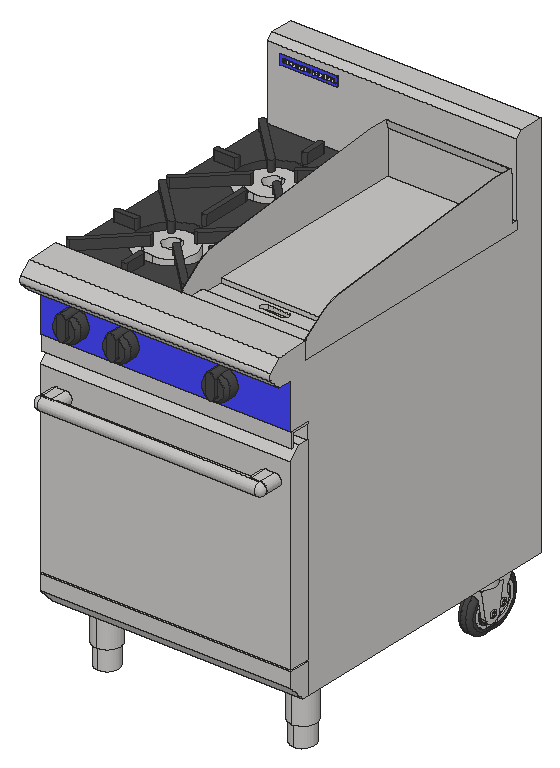
Revit family "QF_MOFFAT_BLUESEAL_CE_G504C", category Specialty Equipment, Revit 2012
Parameters
  Weight in Pounds = 346
  URL Cutsheet = "www.moffat.com"
  URL = "www.moffat.com"
  Type Mark [instance] = ""
  Status [instance] = ""
  Specification by User [instance] = ""
  Specification by Manufacturer = ""
  Show Logo [instance] = yes
  Show Clearance [instance] = yes
  Show Casters [instance] = yes
  Serial Number = ""
  Seismic Rating = ""
  SMACNA No = ""
  Revision Code [instance] = ""
  Omniclass Number and Title = ""
  NAFEM Spec ID Number = ""
  Model = "G504C"
  Mechanical Remarks [instance] = ""
  Mechanical Connection Type [instance] = ""
  Masterspec = ""
  Manufacturer = "MOFFAT BLUESEAL"
  Legs [instance] = not(Show Casters)  # no
  Item Number [instance] = ""
  Installed By [instance] = ""
  Identify Quantity as Lot [instance] = yes
  Gas Size = 3/4"
  Gas RI Height [instance] = 0 mm
  Gas KW [instance] = 27.8
  Gas Input [instance] = 94781.0 Btu/h
  Gas Connection Height = 0 mm
  Furnished By [instance] = ""
  Foodservice Equipment Identifier [instance] = yes
  Description = "600MM GAS RANGE WITH STATIC OVEN"
  CSI MasterFormat = ""
  CSI Master Format = ""
Reference planes
  plane 1 "BACK": y = 0
  plane 2: z = 0
  plane 3 "LEFT": x = 0
  plane 4 "RIGHT": x = 600
  plane 5 "FRONT": y = -812
  plane 6 "TOP": z = 970
  plane 7 "Center Y": x = 300
  plane 8 "Center X": y = -406
  plane 9: x = 65
  plane 10: x = 535
  plane 11: y = -100
  plane 12 "Base Height": z = 150
  plane 13: x = 65.8
  plane 14: x = 470
  plane 15: z = 1085
Forms (mm)
  Extrusion 1, solid, material "QF_Finishes_Stainless Steel"
    sketch origin (0, 0, 0) x (0, 1, 0) y (0, 0, 1)
      loop
        line (-784.97, 850) -> (-749, 850) -> (-749, 740) -> (-699, 740) -> (-699, 150) -> (0, 150) -> (0, 1085) -> (-57.5, 1085) -> (-70, 1072.5) -> (-70, 875) -> (-705, 875) -> (-705, 915) -> (-783.97, 915) -> (-808.525, 890.445)
        arc (-808.525, 890.445) -> (-812.023, 882) -> (-808.525, 873.555) r 11.943
        line (-808.525, 873.555) -> (-784.97, 850)
    from 0 to 600
  Extrusion 2, solid, material "QF_Finishes_Stainless Steel"
    sketch origin (405.062, 3, 100) x (1, 0, 0) y (0, 1, 0)
      loop
        circle (65, -35) r 13.5
    from 555 to 640
  Revolve 3, solid, material "QF_Finishes_Stainless Steel"
    sketch origin (65, -735, 0) x (0, 1, 0) y (0, 0, 1)
      loop
        line (71.25, 150) -> (71.25, 50) -> (75.5, 50) -> (75.5, 0) -> (103, 0) -> (103, 150) -> (71.25, 150)
      axis (103, 150) -> (103, 0)
    angle from 0 to 360
  Revolve 4, solid, material "QF_Finishes_Stainless Steel"
    sketch origin (535, -735, 0) x (0, 1, 0) y (0, 0, -1)
      loop
        line (71.25, -150) -> (103, -150) -> (103, 0) -> (75.5, 0) -> (75.5, -50) -> (71.25, -50) -> (71.25, -150)
      axis (103, -150) -> (103, 0)
    angle from 0 to 360
  Extrusion 5, solid, material "QF_Finishes_Black"
    sketch origin (0, -70, 875) x (0, -1, 0) y (1, 0, 0)
      loop
        arc (1, 4) -> (1.879, 1.879) -> (4, 1) r 3
        line (4, 1) -> (632, 1)
        arc (632, 1) -> (634.121, 1.879) -> (635, 4) r 3
        line (635, 4) -> (635, 300) -> (4, 300)
        arc (4, 300) -> (1.879, 299.121) -> (1, 297) r 3
        line (1, 297) -> (1, 4)
      loop
        circle (167.5, 150) r 85
      loop
        circle (471.268, 150) r 85
    from 0 to 19.5
  Extrusion 6, solid, material "QF_Finishes_Black"
    sketch origin (0, -70, 894.5) x (0, -1, 0) y (1, 0, 0)
      loop
        spline (323.602, 15.153) -> (322.681, 13.924) -> (322.131, 12.47) -> (321.99, 10.89) -> (322.267, 9.292) -> (322.943, 7.786) -> (323.973, 6.473) -> (325.286, 5.443) -> (326.792, 4.767) -> (328.39, 4.49) -> (329.97, 4.631) -> (331.424, 5.181) -> (332.653, 6.102)
        line (332.653, 6.102) -> (440.576, 114.025)
        spline (440.576, 114.025) -> (441.337, 115.095) -> (441.738, 116.399) -> (441.751, 117.851) -> (441.375, 119.35) -> (440.637, 120.795) -> (439.586, 122.086) -> (438.295, 123.137) -> (436.85, 123.875) -> (435.351, 124.251) -> (433.899, 124.238) -> (432.595, 123.837) -> (431.525, 123.076)
        line (431.525, 123.076) -> (323.602, 15.153)
      loop
        line (612.398, 15.153) -> (503.475, 123.076)
        spline (503.475, 123.076) -> (502.405, 123.837) -> (501.101, 124.238) -> (499.649, 124.251) -> (498.15, 123.875) -> (496.705, 123.137) -> (495.414, 122.086) -> (494.363, 120.795) -> (493.625, 119.35) -> (493.249, 117.851) -> (493.262, 116.399) -> (493.663, 115.095) -> (494.424, 114.025)
        line (494.424, 114.025) -> (603.347, 6.102)
        spline (603.347, 6.102) -> (604.416, 5.341) -> (605.721, 4.941) -> (607.172, 4.928) -> (608.671, 5.303) -> (610.116, 6.041) -> (611.408, 7.092) -> (612.459, 8.384) -> (613.197, 9.829) -> (613.572, 11.328) -> (613.559, 12.779) -> (613.159, 14.084) -> (612.398, 15.153)
      loop
        spline (375.602, 143.6) -> (376.896, 143.818) -> (378.102, 144.457) -> (379.138, 145.475) -> (379.932, 146.8) -> (380.432, 148.344) -> (380.602, 150) -> (380.432, 151.656) -> (379.932, 153.2) -> (379.138, 154.525) -> (378.102, 155.543) -> (376.896, 156.182) -> (375.602, 156.4)
        line (375.602, 156.4) -> (259.398, 156.4)
        spline (259.398, 156.4) -> (258.104, 156.182) -> (256.898, 155.543) -> (255.862, 154.525) -> (255.068, 153.2) -> (254.568, 151.656) -> (254.398, 150) -> (254.568, 148.344) -> (255.068, 146.8) -> (255.862, 145.475) -> (256.898, 144.457) -> (258.104, 143.818) -> (259.398, 143.6)
        line (259.398, 143.6) -> (375.602, 143.6)
      loop
        spline (23.602, 15.153) -> (22.681, 13.924) -> (22.131, 12.47) -> (21.99, 10.89) -> (22.267, 9.292) -> (22.943, 7.786) -> (23.973, 6.473) -> (25.286, 5.443) -> (26.792, 4.767) -> (28.39, 4.49) -> (29.97, 4.631) -> (31.424, 5.181) -> (32.653, 6.102)
        line (32.653, 6.102) -> (140.576, 114.025)
        spline (140.576, 114.025) -> (141.337, 115.095) -> (141.738, 116.399) -> (141.751, 117.851) -> (141.375, 119.35) -> (140.637, 120.795) -> (139.586, 122.086) -> (138.295, 123.137) -> (136.85, 123.875) -> (135.351, 124.251) -> (133.899, 124.238) -> (132.595, 123.837) -> (131.525, 123.076)
        line (131.525, 123.076) -> (23.602, 15.153)
      loop
        line (311.398, 15.153) -> (203.475, 123.076)
        spline (203.475, 123.076) -> (202.405, 123.837) -> (201.101, 124.238) -> (199.649, 124.251) -> (198.15, 123.875) -> (196.705, 123.137) -> (195.414, 122.086) -> (194.363, 120.795) -> (193.625, 119.35) -> (193.249, 117.851) -> (193.262, 116.399) -> (193.663, 115.095) -> (194.424, 114.025)
        line (194.424, 114.025) -> (302.347, 6.102)
        spline (302.347, 6.102) -> (303.416, 5.341) -> (304.721, 4.941) -> (306.172, 4.928) -> (307.671, 5.303) -> (309.116, 6.041) -> (310.408, 7.092) -> (311.459, 8.384) -> (312.197, 9.829) -> (312.572, 11.328) -> (312.559, 12.779) -> (312.159, 14.084) -> (311.398, 15.153)
      loop
        line (323.602, 284.847) -> (431.525, 176.924)
        spline (431.525, 176.924) -> (432.595, 176.163) -> (433.899, 175.762) -> (435.351, 175.749) -> (436.85, 176.125) -> (438.295, 176.863) -> (439.586, 177.914) -> (440.637, 179.205) -> (441.375, 180.65) -> (441.751, 182.149) -> (441.738, 183.601) -> (441.337, 184.905) -> (440.576, 185.975)
        line (440.576, 185.975) -> (332.653, 293.898)
        spline (332.653, 293.898) -> (331.424, 294.819) -> (329.97, 295.369) -> (328.39, 295.51) -> (326.792, 295.233) -> (325.286, 294.557) -> (323.973, 293.527) -> (322.943, 292.214) -> (322.267, 290.708) -> (321.99, 289.11) -> (322.131, 287.53) -> (322.681, 286.076) -> (323.602, 284.847)
      loop
        spline (612.398, 284.847) -> (613.159, 285.916) -> (613.559, 287.221) -> (613.572, 288.672) -> (613.197, 290.171) -> (612.459, 291.616) -> (611.408, 292.908) -> (610.116, 293.959) -> (608.671, 294.697) -> (607.172, 295.072) -> (605.721, 295.059) -> (604.416, 294.659) -> (603.347, 293.898)
        line (603.347, 293.898) -> (494.424, 185.975)
        spline (494.424, 185.975) -> (493.663, 184.905) -> (493.262, 183.601) -> (493.249, 182.149) -> (493.625, 180.65) -> (494.363, 179.205) -> (495.414, 177.914) -> (496.705, 176.863) -> (498.15, 176.125) -> (499.649, 175.749) -> (501.101, 175.762) -> (502.405, 176.163) -> (503.475, 176.924)
        line (503.475, 176.924) -> (612.398, 284.847)
      loop
        line (23.602, 284.847) -> (131.525, 176.924)
        spline (131.525, 176.924) -> (132.595, 176.163) -> (133.899, 175.762) -> (135.351, 175.749) -> (136.85, 176.125) -> (138.295, 176.863) -> (139.586, 177.914) -> (140.637, 179.205) -> (141.375, 180.65) -> (141.751, 182.149) -> (141.738, 183.601) -> (141.337, 184.905) -> (140.576, 185.975)
        line (140.576, 185.975) -> (32.653, 293.898)
        spline (32.653, 293.898) -> (31.424, 294.819) -> (29.97, 295.369) -> (28.39, 295.51) -> (26.792, 295.233) -> (25.286, 294.557) -> (23.973, 293.527) -> (22.943, 292.214) -> (22.267, 290.708) -> (21.99, 289.11) -> (22.131, 287.53) -> (22.681, 286.076) -> (23.602, 284.847)
      loop
        spline (311.398, 284.847) -> (312.159, 285.916) -> (312.559, 287.221) -> (312.572, 288.672) -> (312.197, 290.171) -> (311.459, 291.616) -> (310.408, 292.908) -> (309.116, 293.959) -> (307.671, 294.697) -> (306.172, 295.072) -> (304.721, 295.059) -> (303.416, 294.659) -> (302.347, 293.898)
        line (302.347, 293.898) -> (194.424, 185.975)
        spline (194.424, 185.975) -> (193.663, 184.905) -> (193.262, 183.601) -> (193.249, 182.149) -> (193.625, 180.65) -> (194.363, 179.205) -> (195.414, 177.914) -> (196.705, 176.863) -> (198.15, 176.125) -> (199.649, 175.749) -> (201.101, 175.762) -> (202.405, 176.163) -> (203.475, 176.924)
        line (203.475, 176.924) -> (311.398, 284.847)
      loop
        spline (73.08, 143.6) -> (74.374, 143.818) -> (75.58, 144.457) -> (76.615, 145.475) -> (77.41, 146.8) -> (77.909, 148.344) -> (78.08, 150) -> (77.909, 151.656) -> (77.41, 153.2) -> (76.615, 154.525) -> (75.58, 155.543) -> (74.374, 156.182) -> (73.08, 156.4)
        line (73.08, 156.4) -> (26.876, 156.4)
        spline (26.876, 156.4) -> (25.582, 156.182) -> (24.376, 155.543) -> (23.34, 154.525) -> (22.546, 153.2) -> (22.046, 151.656) -> (21.876, 150) -> (22.046, 148.344) -> (22.546, 146.8) -> (23.34, 145.475) -> (24.376, 144.457) -> (25.582, 143.818) -> (26.876, 143.6)
        line (26.876, 143.6) -> (73.08, 143.6)
      loop
        spline (614.08, 143.6) -> (615.374, 143.818) -> (616.58, 144.457) -> (617.615, 145.475) -> (618.41, 146.8) -> (618.909, 148.344) -> (619.08, 150) -> (618.909, 151.656) -> (618.41, 153.2) -> (617.615, 154.525) -> (616.58, 155.543) -> (615.374, 156.182) -> (614.08, 156.4)
        line (614.08, 156.4) -> (566.876, 156.4)
        spline (566.876, 156.4) -> (565.582, 156.182) -> (564.376, 155.543) -> (563.34, 154.525) -> (562.546, 153.2) -> (562.046, 151.656) -> (561.876, 150) -> (562.046, 148.344) -> (562.546, 146.8) -> (563.34, 145.475) -> (564.376, 144.457) -> (565.582, 143.818) -> (566.876, 143.6)
        line (566.876, 143.6) -> (614.08, 143.6)
      loop
        spline (161.1, 13.784) -> (161.318, 12.49) -> (161.957, 11.284) -> (162.975, 10.248) -> (164.3, 9.454) -> (165.844, 8.954) -> (167.5, 8.784) -> (169.156, 8.954) -> (170.7, 9.454) -> (172.025, 10.248) -> (173.043, 11.284) -> (173.682, 12.49) -> (173.9, 13.784)
        line (173.9, 13.784) -> (173.9, 59.988)
        spline (173.9, 59.988) -> (173.682, 61.282) -> (173.043, 62.488) -> (172.025, 63.524) -> (170.7, 64.318) -> (169.156, 64.818) -> (167.5, 64.988) -> (165.844, 64.818) -> (164.3, 64.318) -> (162.975, 63.524) -> (161.957, 62.488) -> (161.318, 61.282) -> (161.1, 59.988)
        line (161.1, 59.988) -> (161.1, 13.784)
      loop
        spline (461.368, 13.784) -> (461.586, 12.49) -> (462.225, 11.284) -> (463.242, 10.248) -> (464.568, 9.454) -> (466.111, 8.954) -> (467.768, 8.784) -> (469.424, 8.954) -> (470.968, 9.454) -> (472.293, 10.248) -> (473.31, 11.284) -> (473.95, 12.49) -> (474.168, 13.784)
        line (474.168, 13.784) -> (474.168, 59.988)
        spline (474.168, 59.988) -> (473.95, 61.282) -> (473.31, 62.488) -> (472.293, 63.524) -> (470.968, 64.318) -> (469.424, 64.818) -> (467.768, 64.988) -> (466.111, 64.818) -> (464.568, 64.318) -> (463.242, 63.524) -> (462.225, 62.488) -> (461.586, 61.282) -> (461.368, 59.988)
        line (461.368, 59.988) -> (461.368, 13.784)
      loop
        line (161.1, 286.216) -> (161.1, 240.012)
        spline (161.1, 240.012) -> (161.318, 238.718) -> (161.957, 237.512) -> (162.975, 236.476) -> (164.3, 235.682) -> (165.844, 235.182) -> (167.5, 235.012) -> (169.156, 235.182) -> (170.7, 235.682) -> (172.025, 236.476) -> (173.043, 237.512) -> (173.682, 238.718) -> (173.9, 240.012)
        line (173.9, 240.012) -> (173.9, 286.216)
        spline (173.9, 286.216) -> (173.682, 287.51) -> (173.043, 288.716) -> (172.025, 289.752) -> (170.7, 290.546) -> (169.156, 291.046) -> (167.5, 291.216) -> (165.844, 291.046) -> (164.3, 290.546) -> (162.975, 289.752) -> (161.957, 288.716) -> (161.318, 287.51) -> (161.1, 286.216)
      loop
        line (461.368, 286.216) -> (461.368, 240.012)
        spline (461.368, 240.012) -> (461.586, 238.718) -> (462.225, 237.512) -> (463.242, 236.476) -> (464.568, 235.682) -> (466.111, 235.182) -> (467.768, 235.012) -> (469.424, 235.182) -> (470.968, 235.682) -> (472.293, 236.476) -> (473.31, 237.512) -> (473.95, 238.718) -> (474.168, 240.012)
        line (474.168, 240.012) -> (474.168, 286.216)
        spline (474.168, 286.216) -> (473.95, 287.51) -> (473.31, 288.716) -> (472.293, 289.752) -> (470.968, 290.546) -> (469.424, 291.046) -> (467.768, 291.216) -> (466.111, 291.046) -> (464.568, 290.546) -> (463.242, 289.752) -> (462.225, 288.716) -> (461.586, 287.51) -> (461.368, 286.216)
    from 0 to 23.5
  Revolve 7, solid, material "QF_Finishes_Black"
    sketch origin (208.75, 9, 759.75) x (0, -1, 0) y (0, 0, 1)
      loop
        line (789, 69.605) -> (766, 69.605) -> (766, 42.105) -> (756, 42.105) -> (756, 37.105) -> (800, 37.105) -> (800, 63.757) -> (789, 69.605)
      axis (800, 37.105) -> (756, 37.105)
    angle from 0 to 360
  Extrusion 8, solid, material "QF_Finishes_Black"
    sketch origin (70.319, 9, 655.753) x (1, 0, 0) y (0, 0, 1)
      loop
        line (148.431, 129) -> (148.431, 167.997)
        arc (148.431, 167.997) -> (138.431, 177.997) -> (128.431, 167.997) r 10
        line (128.431, 167.997) -> (128.431, 129)
        arc (128.431, 129) -> (138.431, 119) -> (148.431, 129) r 10
    from 759 to 808
  Revolve 9, solid, material "QF_Finishes_Black"
    sketch origin (88.749, 9, 759.623) x (0, 1, 0) y (0, 0, -1)
      loop
        line (-789, -69.5) -> (-766, -69.5) -> (-766, -42) -> (-756, -42) -> (-756, -37) -> (-800, -37) -> (-800, -63.651) -> (-789, -69.5)
      axis (-800, -37) -> (-756, -37)
    angle from 0 to 360
  Extrusion 10, solid, material "QF_Finishes_Black"
    sketch origin (227.019, 9, 759.781) x (-1, 0, 0) y (0, 0, -1)
      loop
        arc (148.269, -24.969) -> (138.269, -14.969) -> (128.269, -24.969) r 10
        line (128.269, -24.969) -> (128.269, -63.969)
        arc (128.269, -63.969) -> (138.269, -73.969) -> (148.269, -63.969) r 10
        line (148.269, -63.969) -> (148.269, -24.969)
    from 759 to 808
  Revolve 11, solid, material "QF_Finishes_Black"
    sketch origin (446.249, 9, 759.623) x (0, 1, 0) y (0, 0, -1)
      loop
        line (-789, -69.5) -> (-766, -69.5) -> (-766, -42) -> (-756, -42) -> (-756, -37) -> (-800, -37) -> (-800, -63.651) -> (-789, -69.5)
      axis (-800, -37) -> (-756, -37)
    angle from 0 to 360
  Extrusion 12, solid, material "QF_Finishes_Black"
    sketch origin (584.519, 9, 759.781) x (-1, 0, 0) y (0, 0, -1)
      loop
        arc (148.269, -24.969) -> (138.269, -14.969) -> (128.269, -24.969) r 10
        line (128.269, -24.969) -> (128.269, -63.969)
        arc (128.269, -63.969) -> (138.269, -73.969) -> (148.269, -63.969) r 10
        line (148.269, -63.969) -> (148.269, -24.969)
    from 759 to 808
  Extrusion 13, solid, material "QF_Door-Drawer Clearances", visible <- "Show Clearance", detail levels coarse
    sketch origin (0, 7, 0) x (0, -1, 0) y (0, 0, 1)
      loop
        line (756, 690.016) -> (756, 227.5) -> (1218.516, 227.5)
        arc (1218.516, 227.5) -> (1083.048, 554.548) -> (756, 690.016) r 462.516
    from 0 to -600
  Extrusion 14, void
    sketch origin (0, 0, 150) x (-1, 0, 0) y (0, -1, 0)
      loop
        line (-531.028, 89.21) -> (-531.028, -28.29) -> (-401.528, -28.29) -> (-401.528, 40.71) -> (-450.028, 89.21) -> (-531.028, 89.21)
    from 72.5 to 590
  Extrusion 15, solid, material "QF_Finishes_Stainless Steel"
    sketch origin (0, -70, 875) x (0, -1, 0) y (1, 0, 0)
      loop
        circle (474.5, 150) r 57
      loop
        circle (171, 150) r 57
      loop
        circle (168.302, 148.743) r 22
      loop
        circle (471.802, 148.743) r 22
    from 0 to 19.5
  Extrusion 16, solid, material "QF_Finishes_Stainless Steel"
    sketch origin (0, -749, 227.5) x (0, 0, 1) y (-1, 0, 0)
      loop
        line (380.625, -38.246) -> (380.625, -58.528)
        arc (380.625, -58.528) -> (395.625, -73.528) -> (410.625, -58.528) r 15
        line (410.625, -58.528) -> (410.625, -38.246)
        arc (410.625, -38.246) -> (395.625, -23.246) -> (380.625, -38.246) r 15
      loop
        arc (380.625, -560.539) -> (395.625, -575.539) -> (410.625, -560.539) r 15
        line (410.625, -560.539) -> (410.625, -540.257)
        arc (410.625, -540.257) -> (395.625, -525.257) -> (380.625, -540.257) r 15
        line (380.625, -540.257) -> (380.625, -560.539)
    from 0 to 44
  Revolve 17, solid, material "QF_Finishes_Stainless Steel"
    sketch origin (0, -793, 0) x (1, 0, 0) y (0, 0, 1)
      loop
        arc (575.539, 623.125) -> (571.146, 633.732) -> (560.539, 638.125) r 15
        line (560.539, 638.125) -> (38.246, 638.125)
        arc (38.246, 638.125) -> (27.64, 633.732) -> (23.246, 623.125) r 15
        line (23.246, 623.125) -> (575.539, 623.125)
      axis (575.539, 623.125) -> (23.246, 623.125)
    angle from 0 to 360
  Extrusion 18, solid, material "QF_Finishes_Stainless Steel"
    sketch origin (0, 9, 0) x (0, 1, 0) y (0, 0, 1)
      loop
        line (-708, 227.5) -> (-708, 700) -> (-734, 700) -> (-758, 676) -> (-758, 227.5) -> (-708, 227.5)
    from 0 to 600
  Extrusion 19, solid, material "QF_Finishes_Stainless Steel"
    sketch origin (0, 9, 0) x (0, 1, 0) y (0, 0, 1)
      loop
        line (-756, 738) -> (-756, 703) -> (-752.98, 703) -> (-752.98, 735) -> (-708, 735) -> (-708, 738) -> (-756, 738)
    from 0 to 600
  Extrusion 20, solid, material "QF_Finishes_Stainless Steel"
    sketch origin (0, 9, 0) x (0, 1, 0) y (0, 0, 1)
      loop
        line (-708, 222.5) -> (-758, 222.5) -> (-758, 186) -> (-722, 150) -> (-708, 150) -> (-708, 222.5)
    from 0 to 600
  Extrusion 21, solid, material "QF_Finishes_Stainless Steel", visible <- "Show Casters"
    sketch origin (71.501, 133.353, -8.783) x (0, 1, 0) y (0, 0, 1)
      loop
        line (-201.603, 118.783) -> (-265.103, 118.783) -> (-252.746, 53.895)
        arc (-252.746, 53.895) -> (-233.353, 38.783) -> (-213.959, 53.895) r 20
        line (-213.959, 53.895) -> (-201.603, 118.783)
    from -35.667 to 22.923
  Revolve 22, solid, material "QF_Finishes_Stainless Steel", visible <- "Show Casters"
    sketch origin (65, -203, 0) x (0, 1, 0) y (0, 0, 1)
      loop
        line (67.25, 150) -> (67.25, 110) -> (103, 110) -> (103, 150) -> (67.25, 150)
      axis (103, 150) -> (103, 110)
    angle from 0 to 360
  Revolve 23, solid, material "QF_Finishes_Stainless Steel", visible <- "Show Casters"
    sketch origin (535, -203, 0) x (0, 1, 0) y (0, 0, -1)
      loop
        line (67.25, -150) -> (103, -150) -> (103, -110) -> (67.25, -110) -> (67.25, -150)
      axis (103, -150) -> (103, -110)
    angle from 0 to 360
  Revolve 24, solid, material "QF_Finishes_Stainless Steel", visible <- "Show Casters"
    sketch origin (485.776, -99.755, -13.653) x (1, 0, 0) y (0, 0, 1)
      loop
        line (14.841, 64.453) -> (83.584, 64.453) -> (83.584, 67.958) -> (82.314, 69.228) -> (80.79, 69.228) -> (80.79, 72.674) -> (68.644, 72.674) -> (68.644, 82.639) -> (65.088, 84.692) -> (63.738, 93.028) -> (65.881, 93.028) -> (65.881, 99.378) -> (65.088, 99.378) -> (65.088, 105.728)
        arc (65.088, 105.728) -> (62.298, 112.463) -> (55.563, 115.253) r 9.525
        line (55.563, 115.253) -> (42.863, 115.253)
        arc (42.863, 115.253) -> (36.127, 112.463) -> (33.338, 105.728) r 9.525
        line (33.338, 105.728) -> (33.338, 99.378) -> (32.544, 99.378) -> (32.544, 93.028) -> (34.687, 93.028) -> (33.352, 84.781) -> (29.782, 82.719) -> (29.782, 72.674) -> (17.635, 72.674) -> (17.635, 69.228) -> (16.111, 69.228) -> (14.841, 67.958) -> (14.841, 64.453)
      axis (14.841, 64.453) -> (83.584, 64.453)
    angle from 0 to 360
  Extrusion 25, solid, material "QF_Finishes_Stainless Steel", visible <- "Show Casters"
    sketch origin (541.501, 133.353, -8.783) x (0, 1, 0) y (0, 0, 1)
      loop
        line (-201.603, 118.783) -> (-265.103, 118.783) -> (-252.746, 53.895)
        arc (-252.746, 53.895) -> (-233.353, 38.783) -> (-213.959, 53.895) r 20
        line (-213.959, 53.895) -> (-201.603, 118.783)
    from -35.667 to 22.923
  Revolve 26, solid, material "QF_Finishes_Stainless Steel", visible <- "Legs"
    sketch origin (65, -165, 0) x (0, 1, 0) y (0, 0, 1)
      loop
        line (33.25, 150) -> (33.25, 50) -> (37.5, 50) -> (37.5, 0) -> (65, 0) -> (65, 150) -> (33.25, 150)
      axis (65, 150) -> (65, 0)
    angle from 0 to 360
  Revolve 27, solid, material "QF_Finishes_Stainless Steel", visible <- "Legs"
    sketch origin (535, -165, 0) x (0, 1, 0) y (0, 0, -1)
      loop
        line (33.25, -150) -> (65, -150) -> (65, 0) -> (37.5, 0) -> (37.5, -50) -> (33.25, -50) -> (33.25, -150)
      axis (65, -150) -> (65, 0)
    angle from 0 to 360
  Revolve 28, solid, material "QF_Finishes_Stainless Steel", visible <- "Show Casters"
    sketch origin (114.224, -99.755, -13.653) x (-1, 0, 0) y (0, 0, -1)
      loop
        line (14.841, -64.453) -> (14.841, -67.958) -> (16.111, -69.228) -> (17.635, -69.228) -> (17.635, -72.674) -> (29.782, -72.674) -> (29.782, -82.719) -> (33.352, -84.781) -> (34.687, -93.028) -> (32.544, -93.028) -> (32.544, -99.378) -> (33.338, -99.378) -> (33.338, -105.728)
        arc (33.338, -105.728) -> (36.127, -112.463) -> (42.863, -115.253) r 9.525
        line (42.863, -115.253) -> (55.563, -115.253)
        arc (55.563, -115.253) -> (62.298, -112.463) -> (65.088, -105.728) r 9.525
        line (65.088, -105.728) -> (65.088, -99.378) -> (65.881, -99.378) -> (65.881, -93.028) -> (63.738, -93.028) -> (65.088, -84.692) -> (68.644, -82.639) -> (68.644, -72.674) -> (80.79, -72.674) -> (80.79, -69.228) -> (82.314, -69.228) -> (83.584, -67.958) -> (83.584, -64.453) -> (14.841, -64.453)
      axis (14.841, -64.453) -> (83.584, -64.453)
    angle from 0 to 360
Cuts and joins
  Extrusion 14 cuts Extrusion 1
Lines and regions (mm)
  Split face 1
    outline origin (600, 0, 1085) x (-1, 0, 0) y (0, -1, 0)
      loop
        arc (335.206, 45.385) -> (326.545, 40.385) -> (326.545, 30.385) r 10
        line (326.545, 30.385) -> (330.587, 23.385)
        arc (330.587, 23.385) -> (334.247, 19.725) -> (339.247, 18.385) r 10
        line (339.247, 18.385) -> (567.206, 18.385)
        arc (567.206, 18.385) -> (575.866, 23.385) -> (575.866, 33.385) r 10
        line (575.866, 33.385) -> (571.824, 40.385)
        arc (571.824, 40.385) -> (568.164, 44.045) -> (563.164, 45.385) r 10
        line (563.164, 45.385) -> (335.206, 45.385)
  Split face 2
    outline origin (600, 0, 1085) x (-1, 0, 0) y (0, -1, 0)
      loop
        arc (35.206, 45.385) -> (26.545, 40.385) -> (26.545, 30.385) r 10
        line (26.545, 30.385) -> (30.587, 23.385)
        arc (30.587, 23.385) -> (34.247, 19.725) -> (39.247, 18.385) r 10
        line (39.247, 18.385) -> (267.206, 18.385)
        arc (267.206, 18.385) -> (275.866, 23.385) -> (275.866, 33.385) r 10
        line (275.866, 33.385) -> (271.824, 40.385)
        arc (271.824, 40.385) -> (268.164, 44.045) -> (263.164, 45.385) r 10
        line (263.164, 45.385) -> (35.206, 45.385)
  symbolic lines
    curve 1: line (0, 0, 0) -> (0, -812, 0)
    curve 2: line (600, 0, 0) -> (0, 0, 0)
    curve 3: line (600, -812, 0) -> (600, 0, 0)
    curve 4: line (0, -812, 0) -> (600, -812, 0)
    curve 5: line (600, -705, 0) -> (0, -705, 0)
    curve 6: line (300, -70, 0) -> (300, -705, 0)
    curve 7: arc (150, -184, 0) -> (93, -241, 0) -> (150, -298, 0) r 57
    curve 8: arc (150, -298, 0) -> (207, -241, 0) -> (150, -184, 0) r 57
    curve 9: arc (150, -487.5, 0) -> (93, -544.5, 0) -> (150, -601.5, 0) r 57
    curve 10: arc (150, -601.5, 0) -> (207, -544.5, 0) -> (150, -487.5, 0) r 57
    curve 11: line (5.842, -93.966, 0) -> (118.979, -207.103, 0)
    curve 12: line (150, -91.33, 0) -> (150, -146.33, 0)
    curve 13: line (4.26, -237.741, 0) -> (64.26, -237.741, 0)
    curve 14: line (121.121, -266.113, 0) -> (6.585, -380.648, 0)
    curve 15: line (177.796, -266.64, 0) -> (292.595, -381.439, 0)
    curve 16: line (150, -322.5, 0) -> (150, -454.5, 0)
    curve 17: line (179.762, -206.71, 0) -> (292.899, -93.573, 0)
    curve 18: line (292.613, -237.741, 0) -> (242.49, -237.741, 0)
    curve 19: line (7.231, -680.841, 0) -> (121.838, -566.234, 0)
    curve 20: line (149.988, -690.67, 0) -> (149.988, -629.768, 0)
    curve 21: line (4.26, -537.134, 0) -> (64.26, -537.134, 0)
    curve 22: line (123.258, -511.774, 0) -> (6.585, -395.102, 0)
    curve 23: line (179.458, -507.448, 0) -> (292.595, -394.311, 0)
    curve 24: line (179.349, -566.66, 0) -> (292.613, -679.923, 0)
    curve 25: line (292.613, -537.729, 0) -> (237.613, -537.729, 0)
    curve 26: line (0, -70, 0) -> (600, -70, 0)
    curve 27: line (0, -391, 0) -> (300, -391, 0)
    curve 28: line (0, 0, 0) -> (0, -812, 0)
    curve 29: line (600, 0, 0) -> (0, 0, 0)
    curve 30: line (600, -812, 0) -> (600, 0, 0)
    curve 34: arc (150, -322.5, 0) -> (65, -237.5, 0) -> (150, -152.5, 0) r 85
    curve 35: arc (150, -152.5, 0) -> (235, -237.5, 0) -> (150, -322.5, 0) r 85
    curve 36: arc (148.743, -216.302, 150) -> (170.743, -238.302, 150) -> (148.743, -260.302, 150) r 22
    curve 37: arc (148.743, -260.302, 150) -> (126.743, -238.302, 150) -> (148.743, -216.302, 150) r 22
    curve 38: arc (148.743, -519.802, 150) -> (170.743, -541.802, 150) -> (148.743, -563.802, 150) r 22
    curve 39: arc (148.743, -563.802, 150) -> (126.743, -541.802, 150) -> (148.743, -519.802, 150) r 22
    curve 40: line (32.794, -18.385, 150) -> (260.753, -18.385, 150)
    curve 41: arc (260.753, -18.385, 150) -> (265.753, -19.725, 150) -> (269.413, -23.385, 150) r 10
    curve 42: line (269.413, -23.385, 150) -> (273.455, -30.385, 150)
    curve 43: arc (273.455, -30.385, 150) -> (273.455, -40.385, 150) -> (264.794, -45.385, 150) r 10
    curve 44: line (264.794, -45.385, 150) -> (36.836, -45.385, 150)
    curve 45: arc (36.836, -45.385, 150) -> (31.836, -44.045, 150) -> (28.176, -40.385, 150) r 10
    curve 46: line (28.176, -40.385, 150) -> (24.134, -33.385, 150)
    curve 47: arc (24.134, -33.385, 150) -> (24.134, -23.385, 150) -> (32.794, -18.385, 150) r 10
    curve 48: line (560.753, -18.385, 150) -> (332.794, -18.385, 150)
    curve 49: arc (332.794, -18.385, 150) -> (324.134, -23.385, 150) -> (324.134, -33.385, 150) r 10
    curve 50: line (324.134, -33.385, 150) -> (328.176, -40.385, 150)
    curve 51: arc (328.176, -40.385, 150) -> (331.836, -44.045, 150) -> (336.836, -45.385, 150) r 10
    curve 52: line (336.836, -45.385, 150) -> (564.794, -45.385, 150)
    curve 53: arc (564.794, -45.385, 150) -> (573.455, -40.385, 150) -> (573.455, -30.385, 150) r 10
    curve 54: line (573.455, -30.385, 150) -> (569.413, -23.385, 150)
    curve 55: arc (569.413, -23.385, 150) -> (565.753, -19.725, 150) -> (560.753, -18.385, 150) r 10
    curve 56: arc (150, -626.268, 150) -> (65, -541.268, 150) -> (150, -456.268, 150) r 85
    curve 57: arc (150, -456.268, 150) -> (235, -541.268, 150) -> (150, -626.268, 150) r 85
    curve 58: line (0, -57.5, 150) -> (600, -57.5, 150)
    curve 59: line (0, -783.97, 150) -> (600, -783.97, 150)
  symbolic lines, style "QF_Door-Drawer Clearances", visible <- "Show Clearance"
    curve 31: line (0, -812, 0) -> (0, -1211.516, 0)
    curve 32: line (0, -1211.516, 0) -> (600, -1211.516, 0)
    curve 33: line (600, -1211.516, 0) -> (600, -812, 0)
Dimensions and locks
  equal spacing: plane 3 "LEFT", plane 7 "Center Y", plane 4 "RIGHT"
  plane 3 "LEFT" to plane 4 "RIGHT" = 600 mm
  equal spacing: plane 5 "FRONT", plane 8 "Center X", plane 1 "BACK"
  plane 5 "FRONT" to plane 1 "BACK" = 812 mm  (x2)
  equal spacing: plane 4 "RIGHT", plane 7 "Center Y", plane 3 "LEFT"
  plane 4 "RIGHT" to plane 3 "LEFT" = 600 mm
  plane 6 "TOP" to level = 970 mm  (x2)
  Extrusion 2 to level = 655 mm
  Extrusion 2 to plane 1 "BACK" = 32 mm
  Extrusion 1 to level = 915 mm
  plane 12 "Base Height" to level = 150 mm
  plane 6 "TOP" to plane 2 = 970 mm
  locked: plane 2 to Extrusion 1 sketch curve at 875
  locked: plane 2 to Extrusion 1 sketch curve at 915
  Extrusion 5 sketch curve to plane 13 = 64.8 mm
  Revolve 24 sketch curve to Revolve 24 sketch curve = 50.8 mm
  Revolve 28 sketch curve to Revolve 28 sketch curve = 50.8 mm
  plane 15 to level = 1085 mm
  aligned and locked: level to plane 2
  aligned and locked: curve 3 to plane 4 "RIGHT"
Automatic sketch dimensions
  plane 14 to Extrusion 2 sketch curve = 0.062 mm
  plane 1 "BACK" to Extrusion 2 sketch curve = 32 mm
  Revolve 3 sketch curve to plane 12 "Base Height" = 0 mm
  Revolve 3 sketch curve to level = 0 mm
  level to Revolve 3 sketch curve = 50 mm
  Revolve 3 sketch curve to plane 5 "FRONT" = 148.25 mm
  Revolve 3 sketch curve to Revolve 3 sketch curve = 4.25 mm
  Revolve 3 sketch curve to Revolve 3 sketch curve = 27.5 mm  (x2)
  Revolve 3 sketch curve to Revolve 3 sketch curve = 55 mm
  Revolve 3 sketch curve to Revolve 3 sketch curve = 0 mm
  Revolve 4 sketch curve to plane 12 "Base Height" = 0 mm
  Revolve 4 sketch curve to level = 0 mm
  level to Revolve 4 sketch curve = 50 mm
  Revolve 4 sketch curve to plane 5 "FRONT" = 148.25 mm
  Revolve 4 sketch curve to Revolve 4 sketch curve = 4.25 mm
  Revolve 4 sketch curve to Revolve 4 sketch curve = 27.5 mm  (x2)
  Revolve 4 sketch curve to Revolve 4 sketch curve = 0 mm
  Revolve 4 sketch curve to Revolve 4 sketch curve = 55 mm
  Revolve 7 sketch curve to plane 5 "FRONT" = 65 mm
  Revolve 7 sketch curve to Revolve 7 sketch curve = 10 mm
  Revolve 7 sketch curve to Revolve 7 sketch curve = 21.3 mm
  Revolve 7 sketch curve to Revolve 7 sketch curve = 23 mm
  Revolve 7 sketch curve to plane 5 "FRONT" = 21 mm
  Revolve 7 sketch curve to Revolve 7 sketch curve = 0 mm  (x2)
  Revolve 7 sketch curve to plane 6 "TOP" = 173.145 mm
  Revolve 7 sketch curve to Revolve 7 sketch curve = 5 mm
  Revolve 7 sketch curve to Revolve 7 sketch curve = 26.651 mm
  Revolve 7 sketch curve to Revolve 7 sketch curve = 5.849 mm
  Extrusion 8 sketch curve to plane 7 "Center Y" = 101.25 mm
  Extrusion 8 sketch curve to Extrusion 8 sketch curve = 10 mm
  Extrusion 8 sketch curve to plane 6 "TOP" = 185.247 mm
  Extrusion 8 sketch curve to Extrusion 8 sketch curve = 38.997 mm
  Revolve 9 sketch curve to plane 5 "FRONT" = 21 mm
  Revolve 9 sketch curve to Revolve 9 sketch curve = 0 mm  (x2)
  Revolve 9 sketch curve to Revolve 9 sketch curve = 11 mm
  Revolve 9 sketch curve to Revolve 9 sketch curve = 12.7 mm
  Revolve 9 sketch curve to Revolve 9 sketch curve = 23 mm
  Revolve 9 sketch curve to Revolve 9 sketch curve = 10 mm
  Revolve 9 sketch curve to plane 6 "TOP" = 140.877 mm
  Revolve 9 sketch curve to Revolve 9 sketch curve = 5.849 mm
  Revolve 9 sketch curve to Revolve 9 sketch curve = 27.5 mm
  Revolve 9 sketch curve to Revolve 9 sketch curve = 5 mm
  plane 9 to Extrusion 10 sketch curve = 33.75 mm
  Extrusion 10 sketch curve to Extrusion 10 sketch curve = 10 mm
  Extrusion 10 sketch curve to plane 6 "TOP" = 146.25 mm
  Extrusion 10 sketch curve to Extrusion 10 sketch curve = 39 mm
  Revolve 11 sketch curve to plane 5 "FRONT" = 21 mm
  Revolve 11 sketch curve to Revolve 11 sketch curve = 0 mm  (x2)
  Revolve 11 sketch curve to Revolve 11 sketch curve = 11 mm
  Revolve 11 sketch curve to Revolve 11 sketch curve = 12.7 mm
  Revolve 11 sketch curve to Revolve 11 sketch curve = 23 mm
  Revolve 11 sketch curve to Revolve 11 sketch curve = 10 mm
  Revolve 11 sketch curve to plane 6 "TOP" = 140.877 mm
  Revolve 11 sketch curve to Revolve 11 sketch curve = 5.849 mm
  Revolve 11 sketch curve to Revolve 11 sketch curve = 27.5 mm
  Revolve 11 sketch curve to Revolve 11 sketch curve = 5 mm
  Extrusion 12 sketch curve to plane 14 = 13.75 mm
  Extrusion 12 sketch curve to Extrusion 12 sketch curve = 10 mm
  Extrusion 12 sketch curve to plane 6 "TOP" = 146.25 mm
  Extrusion 12 sketch curve to Extrusion 12 sketch curve = 39 mm
  Extrusion 13 sketch curve to plane 5 "FRONT" = 63 mm
  plane 12 "Base Height" to Extrusion 13 sketch curve = 77.5 mm
  plane 5 "FRONT" to Extrusion 13 sketch curve = 399.516 mm
  plane 10 to Extrusion 14 sketch curve = 3.972 mm
  Extrusion 14 sketch curve to plane 14 = 19.972 mm
  Extrusion 14 sketch curve to plane 14 = 68.472 mm
  Extrusion 14 sketch curve to plane 1 "BACK" = 28.29 mm
  plane 1 "BACK" to Extrusion 14 sketch curve = 40.71 mm
  plane 11 to Extrusion 14 sketch curve = 10.79 mm
  Extrusion 15 sketch curve to Extrusion 1 = 168.302 mm
  Extrusion 15 sketch curve to Extrusion 15 sketch curve = 2.698 mm  (x2)
  Extrusion 15 sketch curve to Extrusion 1 = 163.198 mm
  Extrusion 1 to Extrusion 15 sketch curve = 148.743 mm  (x2)
  Extrusion 15 sketch curve to Extrusion 15 sketch curve = 1.257 mm  (x2)
  plane 9 to curve 38 = 83.743 mm
  plane 9 to curve 37 = 83.743 mm
  curve 36 to plane 11 = 116.302 mm
  curve 36 to curve 37 = 22 mm
  curve 38 to plane 8 "Center X" = 113.802 mm
  curve 38 to curve 39 = 22 mm
  Extrusion 16 sketch curve to plane 9 = 6.472 mm
  Extrusion 16 sketch curve to plane 6 "TOP" = 361.875 mm  (x2)
  Extrusion 16 sketch curve to plane 10 = 5.257 mm
  Extrusion 16 sketch curve to Extrusion 16 sketch curve = 15 mm  (x2)
  Extrusion 16 sketch curve to Extrusion 16 sketch curve = 20.282 mm  (x2)
  Revolve 17 sketch curve to plane 3 "LEFT" = 6.961 mm
  plane 3 "LEFT" to Revolve 17 sketch curve = 23.246 mm
  Revolve 17 sketch curve to Revolve 17 sketch curve = 15 mm
  Revolve 17 sketch curve to plane 10 = 25.539 mm
  plane 4 "RIGHT" to Revolve 17 sketch curve = 11.961 mm
  Revolve 17 sketch curve to plane 6 "TOP" = 346.875 mm
  Revolve 17 sketch curve to Revolve 17 sketch curve = 0 mm
  Extrusion 19 sketch curve to plane 5 "FRONT" = 65 mm
  Extrusion 19 sketch curve to Extrusion 19 sketch curve = 3.02 mm
  Extrusion 19 sketch curve to Extrusion 19 sketch curve = 44.98 mm
  Extrusion 19 sketch curve to plane 6 "TOP" = 267 mm
  Extrusion 19 sketch curve to Extrusion 19 sketch curve = 32 mm
  Extrusion 19 sketch curve to Extrusion 19 sketch curve = 3 mm
  Extrusion 20 sketch curve to plane 12 "Base Height" = 0 mm
  Extrusion 20 sketch curve to plane 5 "FRONT" = 63 mm
  plane 12 "Base Height" to Extrusion 18 sketch curve = 77.5 mm
  Extrusion 21 sketch curve to plane 11 = 0 mm
  Extrusion 21 sketch curve to plane 11 = 19.393 mm
  Extrusion 21 sketch curve to plane 11 = 31.75 mm
  plane 11 to Extrusion 21 sketch curve = 19.393 mm
  plane 11 to Extrusion 21 sketch curve = 31.75 mm
  level to Extrusion 21 sketch curve = 45.111 mm
  Extrusion 21 sketch curve to Extrusion 21 sketch curve = 4.889 mm
  Extrusion 21 sketch curve to plane 12 "Base Height" = 40 mm
  Revolve 22 sketch curve to plane 12 "Base Height" = 0 mm
  Revolve 22 sketch curve to plane 11 = 0 mm  (x2)
  Revolve 22 sketch curve to Revolve 22 sketch curve = 35.75 mm
  Revolve 22 sketch curve to plane 12 "Base Height" = 40 mm
  level to Revolve 22 sketch curve = 50 mm
  Revolve 22 sketch curve to level = 55 mm
  Revolve 23 sketch curve to plane 12 "Base Height" = 0 mm
  Revolve 23 sketch curve to plane 11 = 0 mm  (x2)
  Revolve 23 sketch curve to plane 11 = 35.75 mm
  Revolve 23 sketch curve to plane 12 "Base Height" = 40 mm
  level to Revolve 23 sketch curve = 50 mm
  Revolve 23 sketch curve to level = 55 mm
  level to Revolve 24 sketch curve = 50.8 mm
  plane 4 "RIGHT" to Revolve 24 sketch curve = 99.382 mm
  Revolve 24 sketch curve to Revolve 24 sketch curve = 1.27 mm  (x4)
  Revolve 24 sketch curve to Revolve 24 sketch curve = 1.524 mm  (x2)
  Revolve 24 sketch curve to Revolve 24 sketch curve = 12.146 mm  (x2)
  Revolve 24 sketch curve to Revolve 24 sketch curve = 2.762 mm
  Revolve 24 sketch curve to Revolve 24 sketch curve = 0.794 mm  (x2)
  level to Revolve 24 sketch curve = 71.128 mm
  Revolve 24 sketch curve to Revolve 24 sketch curve = 3.57 mm
  Revolve 24 sketch curve to plane 12 "Base Height" = 70.625 mm  (x2)
  Revolve 24 sketch curve to Revolve 24 sketch curve = 2.143 mm
  Revolve 24 sketch curve to Revolve 24 sketch curve = 9.525 mm
  Revolve 24 sketch curve to Revolve 24 sketch curve = 24.572 mm
  Revolve 24 sketch curve to Revolve 24 sketch curve = 12.7 mm
  Revolve 24 sketch curve to Revolve 24 sketch curve = 8.176 mm
  Revolve 24 sketch curve to Revolve 24 sketch curve = 1.349 mm  (x2)
  level to Revolve 24 sketch curve = 71.039 mm
  Revolve 24 sketch curve to Revolve 24 sketch curve = 3.556 mm
  level to Revolve 24 sketch curve = 55.575 mm
  Revolve 24 sketch curve to Revolve 24 sketch curve = 33.32 mm
  Revolve 24 sketch curve to Revolve 24 sketch curve = 20.239 mm
  Revolve 24 sketch curve to Revolve 24 sketch curve = 3.505 mm
  Revolve 24 sketch curve to Revolve 24 sketch curve = 3.447 mm  (x2)
  Revolve 24 sketch curve to Revolve 24 sketch curve = 2.053 mm
  Revolve 24 sketch curve to Revolve 24 sketch curve = 2.061 mm
  Revolve 24 sketch curve to Revolve 24 sketch curve = 6.35 mm  (x2)
  Extrusion 25 sketch curve to plane 11 = 0 mm
  Extrusion 25 sketch curve to plane 11 = 19.393 mm
  Extrusion 25 sketch curve to plane 11 = 31.75 mm
  plane 11 to Extrusion 25 sketch curve = 19.393 mm
  plane 11 to Extrusion 25 sketch curve = 31.75 mm
  level to Extrusion 25 sketch curve = 45.111 mm
  Extrusion 25 sketch curve to Extrusion 25 sketch curve = 4.889 mm
  Extrusion 25 sketch curve to plane 12 "Base Height" = 40 mm
  Revolve 26 sketch curve to plane 12 "Base Height" = 0 mm
  Revolve 26 sketch curve to level = 0 mm
  Revolve 26 sketch curve to plane 11 = 0 mm  (x2)
  Revolve 26 sketch curve to Revolve 26 sketch curve = 27.5 mm
  Revolve 26 sketch curve to Revolve 26 sketch curve = 31.75 mm
  Revolve 26 sketch curve to level = 55 mm
  Revolve 26 sketch curve to Revolve 26 sketch curve = 50 mm
  Revolve 26 sketch curve to Revolve 26 sketch curve = 0 mm
  Revolve 27 sketch curve to plane 12 "Base Height" = 0 mm
  Revolve 27 sketch curve to level = 0 mm
  Revolve 27 sketch curve to plane 11 = 0 mm  (x2)
  Revolve 27 sketch curve to Revolve 27 sketch curve = 27.5 mm
  Revolve 27 sketch curve to Revolve 27 sketch curve = 31.75 mm
  level to Revolve 27 sketch curve = 50 mm
  Revolve 27 sketch curve to Revolve 27 sketch curve = 0 mm
  Revolve 27 sketch curve to Revolve 27 sketch curve = 55 mm
  plane 9 to Revolve 28 sketch curve = 34.382 mm
  Revolve 28 sketch curve to Revolve 28 sketch curve = 1.27 mm  (x4)
  Revolve 28 sketch curve to Revolve 28 sketch curve = 1.524 mm  (x2)
  Revolve 28 sketch curve to Revolve 28 sketch curve = 12.146 mm  (x2)
  plane 9 to Revolve 28 sketch curve = 16.68 mm
  Revolve 28 sketch curve to Revolve 28 sketch curve = 0.794 mm  (x2)
  Revolve 28 sketch curve to Revolve 28 sketch curve = 3.57 mm
  Revolve 28 sketch curve to Revolve 28 sketch curve = 2.143 mm
  plane 9 to Revolve 28 sketch curve = 6.361 mm
  Revolve 28 sketch curve to plane 9 = 5.13 mm
  Revolve 28 sketch curve to plane 9 = 6.339 mm
  Revolve 28 sketch curve to plane 9 = 14.515 mm
  Revolve 28 sketch curve to Revolve 28 sketch curve = 1.349 mm  (x2)
  Revolve 28 sketch curve to Revolve 28 sketch curve = 3.556 mm
  Revolve 28 sketch curve to plane 3 "LEFT" = 2.68 mm
  Revolve 28 sketch curve to plane 12 "Base Height" = 48.4 mm
  Revolve 28 sketch curve to Revolve 28 sketch curve = 6.35 mm  (x4)
  Revolve 28 sketch curve to Revolve 28 sketch curve = 8.247 mm
  Revolve 28 sketch curve to Revolve 28 sketch curve = 8.336 mm
  Revolve 28 sketch curve to Revolve 28 sketch curve = 2.061 mm
  Revolve 28 sketch curve to Revolve 28 sketch curve = 2.053 mm
  Revolve 28 sketch curve to Revolve 28 sketch curve = 10.045 mm
  Revolve 28 sketch curve to Revolve 28 sketch curve = 9.964 mm
  Revolve 28 sketch curve to Revolve 28 sketch curve = 3.447 mm  (x2)
  Revolve 28 sketch curve to Revolve 28 sketch curve = 3.505 mm
  Extrusion 1 sketch curve to plane 5 "FRONT" = 27.03 mm
  Extrusion 1 sketch curve to plane 12 "Base Height" = 0 mm
  Extrusion 1 sketch curve to plane 15 = 0 mm
  Extrusion 1 sketch curve to plane 1 "BACK" = 0 mm
  Extrusion 1 sketch curve to plane 5 "FRONT" = 3.475 mm  (x2)
  Extrusion 1 sketch curve to plane 5 "FRONT" = 11.921 mm
  Extrusion 1 sketch curve to plane 5 "FRONT" = 28.03 mm
  Extrusion 1 sketch curve to plane 5 "FRONT" = 63 mm
  Extrusion 1 sketch curve to Extrusion 1 sketch curve = 44 mm
  Extrusion 1 sketch curve to plane 5 "FRONT" = 113 mm
  plane 11 to Extrusion 1 sketch curve = 30 mm
  Extrusion 1 sketch curve to Extrusion 1 sketch curve = 12.5 mm
  Extrusion 1 sketch curve to Extrusion 1 sketch curve = 135 mm
  Extrusion 1 sketch curve to Extrusion 1 sketch curve = 25 mm
  Extrusion 1 sketch curve to Extrusion 1 sketch curve = 23.555 mm
  Extrusion 1 sketch curve to Extrusion 1 sketch curve = 8.445 mm
  Extrusion 1 sketch curve to plane 15 = 12.5 mm
  Extrusion 20 sketch curve to Extrusion 20 sketch curve = 36 mm
  Extrusion 20 sketch curve to Extrusion 20 sketch curve = 50 mm
  plane 12 "Base Height" to Extrusion 20 sketch curve = 36 mm
  Extrusion 20 sketch curve to Extrusion 20 sketch curve = 36.5 mm
  Extrusion 18 sketch curve to plane 5 "FRONT" = 63 mm
  Extrusion 18 sketch curve to Extrusion 18 sketch curve = 24 mm  (x2)
  Extrusion 18 sketch curve to Extrusion 18 sketch curve = 26 mm
  Extrusion 18 sketch curve to plane 6 "TOP" = 294 mm
  Split face 1 sketch curve to cut or joined group of Extrusion 1, Extrusion 14 = 27.115 mm
  Split face 1 sketch curve to cut or joined group of Extrusion 1, Extrusion 14 = 326.545 mm
  Split face 1 sketch curve to cut or joined group of Extrusion 1, Extrusion 14 = 23.385 mm
  Split face 1 sketch curve to Split face 1 sketch curve = 4.041 mm  (x4)
  Split face 1 sketch curve to Split face 1 sketch curve = 8.66 mm  (x2)
  Split face 1 sketch curve to cut or joined group of Extrusion 1, Extrusion 14 = 22.115 mm
  Split face 1 sketch curve to Split face 1 sketch curve = 223.917 mm
  Split face 1 sketch curve to cut or joined group of Extrusion 1, Extrusion 14 = 17.115 mm
  Split face 1 sketch curve to Split face 1 sketch curve = 17 mm
  Split face 1 sketch curve to Split face 1 sketch curve = 7 mm
  Split face 2 sketch curve to cut or joined group of Extrusion 1, Extrusion 14 = 27.115 mm
  Split face 2 sketch curve to cut or joined group of Extrusion 1, Extrusion 14 = 26.545 mm
  Split face 2 sketch curve to cut or joined group of Extrusion 1, Extrusion 14 = 23.385 mm
  Split face 2 sketch curve to Split face 2 sketch curve = 4.041 mm  (x4)
  Split face 2 sketch curve to Split face 2 sketch curve = 8.66 mm  (x2)
  Split face 2 sketch curve to cut or joined group of Extrusion 1, Extrusion 14 = 22.115 mm
  Split face 2 sketch curve to Split face 2 sketch curve = 223.917 mm
  Split face 2 sketch curve to cut or joined group of Extrusion 1, Extrusion 14 = 17.115 mm
  Split face 2 sketch curve to Split face 2 sketch curve = 17 mm
  Split face 2 sketch curve to Split face 2 sketch curve = 7 mm
  curve 42 to plane 7 "Center Y" = 26.545 mm
  curve 42 to curve 42 = 4.041 mm
  curve 42 to curve 43 = 8.66 mm
  curve 43 to curve 41 = 4.041 mm
  curve 44 to plane 9 = 28.164 mm
  curve 45 to curve 40 = 4.041 mm
  curve 44 to curve 45 = 8.66 mm
  curve 46 to curve 47 = 4.041 mm
  plane 1 "BACK" to curve 44 = 45.385 mm
  curve 46 to curve 44 = 5 mm
  curve 43 to curve 44 = 10 mm
  curve 47 to curve 46 = 7 mm
  curve 47 to curve 45 = 7 mm
  curve 41 to curve 43 = 7 mm
  curve 48 to plane 10 = 25.753 mm
  curve 52 to curve 55 = 4.041 mm
  curve 55 to curve 55 = 8.66 mm
  curve 53 to curve 55 = 4.041 mm
  plane 7 "Center Y" to curve 52 = 36.836 mm
  curve 51 to curve 48 = 4.041 mm
  curve 52 to curve 51 = 8.66 mm
  curve 50 to curve 50 = 4.041 mm
  plane 1 "BACK" to curve 55 = 18.385 mm
  curve 55 to curve 55 = 5 mm
  curve 48 to curve 49 = 10 mm
  curve 55 to curve 54 = 7 mm
  curve 55 to curve 53 = 7 mm
  curve 49 to curve 51 = 7 mm
  curve 57 to curve 38 = 1.257 mm
  curve 57 to plane 8 "Center X" = 50.268 mm
  curve 56 to curve 38 = 0.534 mm
  Extrusion 5 sketch curve to plane 7 "Center Y" = 0 mm
  plane 3 "LEFT" to Extrusion 5 sketch curve = 4 mm
  plane 11 to Extrusion 5 sketch curve = 29 mm
  Extrusion 5 sketch curve to Extrusion 5 sketch curve = 3 mm
  Extrusion 5 sketch curve to plane 11 = 137.5 mm
  Extrusion 5 sketch curve to plane 8 "Center X" = 135.268 mm
  Extrusion 5 sketch curve to plane 5 "FRONT" = 110 mm
  Extrusion 5 sketch curve to plane 5 "FRONT" = 107 mm
  Extrusion 5 sketch curve to plane 13 = 84.2 mm  (x2)
  Extrusion 6 sketch curve to Extrusion 5 = 22.602 mm  (x2)
  Extrusion 6 sketch curve to Extrusion 5 = 25.876 mm
  Extrusion 6 sketch curve to Extrusion 6 sketch curve = 4.525 mm  (x16)
  Extrusion 6 sketch curve to Extrusion 6 sketch curve = 46.204 mm  (x4)
  Extrusion 6 sketch curve to Extrusion 6 sketch curve = 58.445 mm
  Extrusion 6 sketch curve to Extrusion 6 sketch curve = 0 mm  (x5)
  Extrusion 6 sketch curve to Extrusion 6 sketch curve = 20.524 mm  (x5)
  Extrusion 6 sketch curve to Extrusion 6 sketch curve = 6.4 mm  (x7)
  Extrusion 6 sketch curve to Extrusion 6 sketch curve = 53.847 mm  (x8)
  Extrusion 6 sketch curve to Extrusion 6 sketch curve = 55.923 mm  (x2)
  Extrusion 6 sketch curve to Extrusion 5 = 5.102 mm  (x4)
  Extrusion 6 sketch curve to Extrusion 6 sketch curve = 128.447 mm  (x2)
  Extrusion 6 sketch curve to Extrusion 5 = 6.102 mm  (x2)
  Extrusion 6 sketch curve to Extrusion 6 sketch curve = 12.205 mm  (x2)
  Extrusion 6 sketch curve to Extrusion 6 sketch curve = 116.204 mm
  Extrusion 6 sketch curve to Extrusion 5 = 13.784 mm  (x2)
  Extrusion 6 sketch curve to Extrusion 6 sketch curve = 20.792 mm  (x2)
  Extrusion 6 sketch curve to Extrusion 5 = 12.784 mm  (x2)
  Extrusion 6 sketch curve to Extrusion 6 sketch curve = 63.401 mm
  Extrusion 6 sketch curve to Extrusion 5 = 31.653 mm  (x2)
  Extrusion 6 sketch curve to Extrusion 5 = 20.92 mm
  Extrusion 6 sketch curve to Extrusion 6 sketch curve = 54.037 mm  (x3)
  Extrusion 6 sketch curve to Extrusion 5 = 15.153 mm
  curve 7 to curve 8 = 0 mm  (x2)
  curve 9 to curve 10 = 0 mm  (x2)
  curve 34 to curve 35 = 0 mm  (x2)
  plane 1 "BACK" to curve 1 = 0 mm
  curve 1 to plane 3 "LEFT" = 0 mm
  curve 27 to plane 7 "Center Y" = 0 mm
  curve 6 to plane 7 "Center Y" = 0 mm
  plane 5 "FRONT" to curve 31 = 0 mm
  plane 3 "LEFT" to curve 13 = 4.26 mm
  plane 3 "LEFT" to curve 21 = 4.26 mm
  plane 3 "LEFT" to curve 11 = 5.842 mm
  plane 3 "LEFT" to curve 19 = 7.231 mm
  plane 3 "LEFT" to curve 14 = 6.585 mm
  plane 3 "LEFT" to curve 22 = 6.585 mm
  curve 13 to plane 9 = 0.74 mm
  curve 21 to plane 9 = 0.74 mm
  plane 9 to curve 11 = 53.979 mm
  plane 9 to curve 19 = 56.838 mm
  plane 9 to curve 14 = 56.121 mm
  curve 19 to curve 22 = 1.42 mm
  curve 19 to curve 20 = 28.15 mm
  curve 11 to curve 12 = 31.021 mm
  curve 19 to curve 9 = 28.162 mm
  curve 8 to curve 12 = 0 mm
  curve 34 to curve 7 = 0 mm
  curve 7 to curve 15 = 27.796 mm
  curve 9 to curve 24 = 29.349 mm
  curve 10 to curve 23 = 29.458 mm
  curve 8 to curve 17 = 29.762 mm
  curve 25 to plane 7 "Center Y" = 62.387 mm
  curve 18 to plane 7 "Center Y" = 57.51 mm
  curve 15 to plane 7 "Center Y" = 7.405 mm
  curve 23 to plane 7 "Center Y" = 7.405 mm
  curve 18 to plane 7 "Center Y" = 7.387 mm
  curve 24 to plane 7 "Center Y" = 7.387 mm
  curve 25 to plane 7 "Center Y" = 7.387 mm
  curve 17 to plane 7 "Center Y" = 7.101 mm
  curve 32 to curve 3 = 399.516 mm
  curve 6 to plane 5 "FRONT" = 107 mm
  curve 20 to plane 5 "FRONT" = 121.33 mm
  curve 6 to curve 24 = 25.077 mm
  curve 5 to curve 19 = 24.159 mm
  curve 20 to curve 20 = 60.902 mm
  curve 20 to curve 10 = 28.268 mm
  curve 10 to curve 24 = 34.84 mm
  curve 9 to curve 19 = 35.266 mm
  curve 19 to curve 9 = 21.734 mm
  curve 24 to curve 25 = 28.931 mm
  curve 19 to curve 21 = 29.1 mm
  curve 22 to curve 9 = 24.274 mm
  curve 23 to curve 10 = 19.948 mm
  curve 9 to curve 16 = 33 mm
  plane 8 "Center X" to curve 22 = 10.898 mm
  plane 8 "Center X" to curve 23 = 11.689 mm
  curve 22 to curve 27 = 4.102 mm
  curve 27 to curve 15 = 9.561 mm
  curve 27 to curve 14 = 10.352 mm
  plane 8 "Center X" to curve 16 = 83.5 mm
  curve 16 to curve 7 = 24.5 mm
  curve 8 to curve 15 = 31.36 mm
  curve 7 to curve 14 = 31.887 mm
  curve 15 to curve 7 = 25.64 mm
  curve 14 to curve 13 = 28.372 mm
  curve 15 to curve 18 = 28.899 mm
  curve 7 to curve 34 = 3.5 mm
  curve 11 to curve 7 = 23.103 mm
  curve 17 to curve 8 = 22.71 mm
  curve 34 to curve 12 = 6.17 mm
  plane 11 to curve 11 = 6.034 mm
  plane 11 to curve 17 = 6.427 mm
  plane 11 to curve 12 = 8.67 mm
  plane 11 to curve 26 = 30 mm
  radius of Extrusion 2 sketch curve = 13.5 mm
  radius of Extrusion 15 sketch curve = 57 mm  (x2)
  radius of Extrusion 15 sketch curve = 22 mm  (x2)
  radius of Extrusion 5 sketch curve = 85 mm  (x2)
Nested families
  nested 1: "RNL8400G-CB-CASTERS" at (65, -100, 0), Show Casters <- "Show Casters", visible <- "Show Casters", type "RNL8400G-CB-CASTERS"
    with Type Mark "", Status "", Specification by User "", Show Casters yes, Revision Code "", Item Number "", Installed By "", Identify Quantity as Lot yes, Furnished By "", Foodservice Equipment Identifier yes
  nested 2: "RNL8400G-CB-CASTERS" at (535, -100, 0), Show Casters <- "Show Casters", visible <- "Show Casters", type "RNL8400G-CB-CASTERS"
    with Type Mark "", Status "", Specification by User "", Show Casters yes, Revision Code "", Item Number "", Installed By "", Identify Quantity as Lot yes, Furnished By "", Foodservice Equipment Identifier yes
  nested 3: "WALDORF LOGO_FACE BASE" at (32, -70, 1055.359) x (1, 0, 0) z (0, -1, 0), visible <- "Show Logo", type "WALDORF LOGO_FACE BASE", detail levels medium+fine
    with Show Logo yes
  nested 4: "GAS GRIDDLE PLATE 300" at (300, -85, 874.5), type "GAS GRIDDLE PLATE 300"
    with Width 300 mm, Type Mark "", Status "", Specification by User "", Revision Code "", Item Number "", Installed By "", Identify Quantity as Lot yes, Furnished By "", Foodservice Equipment Identifier yes, Depth 620 mm
Connectors
  piping at (470.063, -32, 655)
    settings: on Extrusion 2, index 1, connector radius 0.37402", flow factor 0, pipe flow 0 GPM, pressure drop 0.00 psi, fitting loss kfactor 0, connector angle 0.00°, fixture units 0, engagement length 0 mm, flow configuration 1, flow direction 1, fitting loss method 0, system type 7, joint type 0, gender type 0, connector reference index -1, connector utility 0, adjustable connector no, is connector primary yes, fitting loss table "", connector description "GAS CONNECTION"
Definition of nested family "RNL8400G-CB-CASTERS"
  Parameters (values of type "BTL8450-CB-CASTERS")
    Weight = ""
    URL Manufacturer = ""
    URL Cutsheet = ""
    URL = ""
    Type Mark [instance] = ""
    Status [instance] = ""
    Specification by User [instance] = ""
    Specification by Manufacturer = ""
    Show Casters [instance] = no
    Serial Number = ""
    Seismic Rating = ""
    SMACNA No = ""
    Revision Code [instance] = ""
    Omniclass Number and Title = ""
    NAFEM Spec ID Number = ""
    Model = ""
    MasterSpec. = ""
    Manufacturer = ""
    Item Number [instance] = ""
    Installed By [instance] = ""
    Identify Quantity as Lot [instance] = yes
    Furnished By [instance] = ""
    Foodservice Equipment Identifier [instance] = yes
    Description = ""
    CSI MasterFormat = ""
    CSI Master Format = ""
    Assembly Code = ""
  Reference planes
    plane 1: z = 0
    plane 2 "RIGHT": x = 0
    plane 3 "FRONT": y = 0
    plane 4 "TOP": z = 177.8
  Forms (mm)
    Revolve 1, solid, material "QF_Finishes_Stainless Steel", visible <- "Show Casters"
      sketch origin (0, 56.335, 0) x (0, 1, 0) y (0, 0, 1)
        loop
          line (-56.335, 152.4) -> (-56.335, 141.118) -> (-23.798, 141.118) -> (-23.798, 152.4) -> (-56.335, 152.4)
        axis (-56.335, 141.118) -> (-56.335, 152.4)
      angle from 0 to 360
    Extrusion 2, solid, material "QF_Finishes_Stainless Steel", visible <- "Show Casters"
      sketch origin (-46.049, 56.335, 0) x (0, 1, 0) y (0, 0, 1)
        loop
          line (-85.799, 141.118) -> (-85.799, 133.498) -> (-82.136, 133.498)
          arc (-82.136, 133.498) -> (-79.344, 132.328) -> (-77.146, 130.248) r 8.432
          line (-77.146, 130.248) -> (-39.502, 49.52)
          arc (-39.502, 49.52) -> (-13.784, 46.107) -> (-5.673, 70.75) r 20.32
          arc (-5.673, 70.75) -> (-7.065, 73.611) -> (-8.887, 76.22) r 20.32
          arc (-8.887, 76.22) -> (-9.399, 85.377) -> (-6.626, 94.119) r 25.4
          line (-6.626, 94.119) -> (8.003, 121.632)
          arc (8.003, 121.632) -> (-2.347, 126.31) -> (-13.34, 129.167) r 66.802
          line (-13.34, 129.167) -> (-13.765, 133.498) -> (-26.871, 133.498) -> (-26.871, 141.118) -> (-85.799, 141.118)
      from 20.058 to 22.923
    Extrusion 3, solid, material "QF_Finishes_Stainless Steel", visible <- "Show Casters"
      sketch origin (3.326, 56.335, 0) x (0, 1, 0) y (0, 0, 1)
        loop
          line (-85.799, 141.118) -> (-85.799, 133.498) -> (-82.136, 133.498)
          arc (-82.136, 133.498) -> (-79.344, 132.328) -> (-77.146, 130.248) r 8.432
          line (-77.146, 130.248) -> (-39.502, 49.52)
          arc (-39.502, 49.52) -> (-13.784, 46.107) -> (-5.673, 70.75) r 20.32
          arc (-5.673, 70.75) -> (-7.065, 73.611) -> (-8.887, 76.22) r 20.32
          arc (-8.887, 76.22) -> (-9.399, 85.377) -> (-6.626, 94.119) r 25.4
          line (-6.626, 94.119) -> (8.003, 121.632)
          arc (8.003, 121.632) -> (-2.347, 126.31) -> (-13.34, 129.167) r 66.802
          line (-13.34, 129.167) -> (-13.765, 133.498) -> (-26.871, 133.498) -> (-26.871, 141.118) -> (-85.799, 141.118)
      from 20.058 to 22.923
    Extrusion 4, solid, material "QF_Finishes_Stainless Steel", visible <- "Show Casters"
      sketch origin (-49.224, 56.335, 0) x (0, 1, 0) y (0, 0, 1)
        loop
          line (-85.799, 141.118) -> (-85.799, 133.498) -> (-82.136, 133.498) -> (-18.877, 127.964) -> (7.14, 120.01) -> (8.003, 121.632)
          arc (8.003, 121.632) -> (-2.347, 126.31) -> (-13.34, 129.167) r 66.802
          line (-13.34, 129.167) -> (-13.765, 133.498) -> (-26.871, 133.498) -> (-26.871, 141.118) -> (-85.799, 141.118)
      from 26.098 to 72.56
    Revolve 5, solid, material "QF_Finishes_Stainless Steel", visible <- "Show Casters"
      sketch origin (-49.224, 30.821, 0) x (1, 0, 0) y (0, 0, 1)
        loop
          line (14.841, 63.604) -> (83.584, 63.604) -> (83.584, 67.109) -> (82.314, 68.379) -> (80.79, 68.379) -> (80.79, 71.826) -> (68.644, 71.826) -> (68.644, 81.79) -> (65.088, 83.843) -> (61.683, 104.879) -> (65.881, 104.879) -> (65.881, 111.229) -> (65.088, 111.229) -> (65.088, 117.579)
